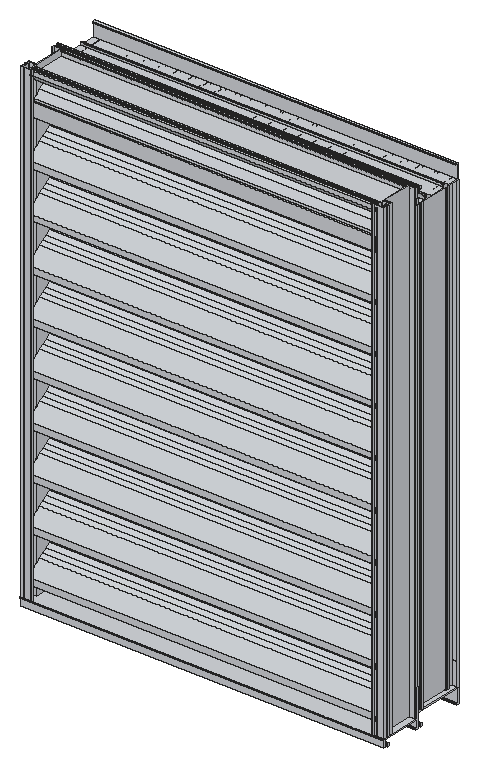
Revit family "D-HV-9", category Mechanical Equipment, Revit 2021
Family settings
  Round Connector Dimension = Use Diameter
  Classification = None
  Part Type = Normal
  Work Plane-Based = No
  Always vertical = Yes
  Cut with Voids When Loaded = Yes
  Shared = No
  Room Calculation Point = No
Parameters
  Default Elevation = 0' - 0"
Reference planes (in)
  plane 1 "Center (Front/Back)": y = 0
  plane 2: z = 0
  plane 3 "Center (Left/Right)": x = 0
  plane 4: x = -24
Dimensions and locks (in)
  aligned and locked: plane 2 to level
Nested families (in)
  nested 1: "WDV-130_Damper" at (-6, 3.29746, 0), type "WDV-130_Damper"
    with Number of Blades 21, Blade Spacing 0' - 1 1/2", Exact Width ID 2' - 10 7/16", Exact Width 3' - 0", Exact Height ID 3' - 9", Exact Height 4' - 0"
  nested 2: "EL-4" at (-6, -3.41741, 0), type "EL-4"
    with Blade Number 9, BW 2' - 10 5/16", Exact Width 3' - 0"
Definition of nested family "WDV-130_Damper"
  Parameters (values of type "WDV-130_Damper")
    Number of Blades [instance] = (Exact Width / Blade Spacing) - 3  # 29
    Exact Width ID = Exact Width - 0' 1 9/16"  # 3' - 10 7/16"
    Exact Width = 4' - 0"
    Exact Height ID = Exact Height - 0' 3"  # 1' - 9"
    Exact Height = 2' - 0"
    Depth = 0' - 5.1"
    Default Elevation = 0' - 0"
    Blade Spacing [instance] = 0' - 1 1/2"
    Blade Height = 2' - 9 3/4"
  Reference planes (in)
    plane 1 "Center (Front/Back)": y = 0
    plane 2: z = 0
    plane 3 "Center (Left/Right)": x = 0
    plane 4: x = -18
    plane 5: x = 30
    plane 6: y = 2.55
    plane 7: y = -2.55
    plane 8: z = 24
    plane 9: z = 22.5
    plane 10: z = 1.5
    plane 11: x = -17.36536
    plane 12: x = 29.36399
  Forms (in)
    Extrusion 1, solid
      sketch origin (-1.86888, 9.00306, 0) x (1, 0, 0) y (0, 1, 0)
        loop
          line (-14.86286, -6.51556) -> (-16.13112, -6.51556) -> (-16.13112, -6.68406) -> (-16.05612, -6.68406) -> (-16.05612, -6.59656) -> (-15.57062, -6.59656) -> (-15.57062, -7.25124)
          arc (-15.57062, -7.25124) -> (-15.67606, -7.23049) -> (-15.7699, -7.28285) r 0.156
          arc (-15.7699, -7.28285) -> (-15.77707, -7.30467) -> (-15.76672, -7.32516) r 0.03
          line (-15.76672, -7.32516) -> (-15.73788, -7.33582)
          arc (-15.73788, -7.33582) -> (-15.72116, -7.33701) -> (-15.7064, -7.32904) r 0.03
          arc (-15.7064, -7.32904) -> (-15.68351, -7.31338) -> (-15.65657, -7.30672) r 0.078
          arc (-15.65657, -7.30672) -> (-15.60008, -7.32602) -> (-15.57378, -7.37961) r 0.078
          arc (-15.57378, -7.37961) -> (-15.5965, -7.43975) -> (-15.65667, -7.4624) r 0.078
          arc (-15.65667, -7.4624) -> (-15.68355, -7.45573) -> (-15.7064, -7.44009) r 0.078
          arc (-15.7064, -7.44009) -> (-15.71981, -7.43244) -> (-15.73524, -7.43246) r 0.03
          line (-15.73524, -7.43246) -> (-15.76672, -7.44397)
          arc (-15.76672, -7.44397) -> (-15.77707, -7.46446) -> (-15.7699, -7.48627) r 0.03
          arc (-15.7699, -7.48627) -> (-15.67503, -7.5388) -> (-15.56884, -7.51679) r 0.156
          line (-15.56884, -7.51679) -> (-15.56884, -10.37576)
          arc (-15.56884, -10.37576) -> (-15.60026, -10.36116) -> (-15.63412, -10.35386) r 0.156
          arc (-15.63412, -10.35386) -> (-15.65463, -10.35121) -> (-15.67434, -10.35744) r 0.04792
          arc (-15.67434, -10.35744) -> (-15.68558, -10.36889) -> (-15.68932, -10.38449) r 0.03
          line (-15.68932, -10.38449) -> (-15.67513, -10.41607)
          arc (-15.67513, -10.41607) -> (-15.66423, -10.427) -> (-15.64935, -10.43106) r 0.03
          arc (-15.64935, -10.43106) -> (-15.62213, -10.43616) -> (-15.5984, -10.45045) r 0.078
          arc (-15.5984, -10.45045) -> (-15.57203, -10.50401) -> (-15.59126, -10.56053) r 0.078
          arc (-15.59126, -10.56053) -> (-15.64982, -10.58706) -> (-15.70842, -10.5606) r 0.078
          arc (-15.70842, -10.5606) -> (-15.72275, -10.53685) -> (-15.72787, -10.50959) r 0.078
          arc (-15.72787, -10.50959) -> (-15.73182, -10.4949) -> (-15.74246, -10.48405) r 0.03
          line (-15.74246, -10.48405) -> (-15.77326, -10.46968)
          arc (-15.77326, -10.46968) -> (-15.79507, -10.47685) -> (-15.80543, -10.49734) r 0.03
          arc (-15.80543, -10.49734) -> (-15.80157, -10.54544) -> (-15.78319, -10.59006) r 0.156
          line (-15.78319, -10.59006) -> (-15.89312, -10.59006) -> (-15.89312, -10.96506) -> (-16.13112, -10.96506) -> (-16.13112, -11.04706) -> (-16.06212, -11.04706) -> (-16.06212, -11.10806) -> (-15.98112, -11.10806) -> (-15.98112, -11.04706) -> (-15.89312, -11.04706) -> (-15.89312, -11.44406) -> (-15.98112, -11.44406) -> (-15.98112, -11.33106) -> (-16.06212, -11.33106) -> (-16.06212, -11.55306) -> (-15.36262, -11.55306) -> (-15.36262, -11.47206) -> (-15.81812, -11.47206) -> (-15.81812, -10.66506) -> (-15.49648, -10.66506) -> (-15.49648, -6.59656) -> (-14.86286, -6.59656) -> (-14.86286, -6.51556)
      from 1.5 to 22.5
    Extrusion 2, solid
      sketch origin (1.86888, 9.06556, 0) x (-1, 0, 0) y (0, -1, 0)
        loop
          line (-26.86286, 6.51556) -> (-26.86286, 6.59656) -> (-27.49562, 6.59656) -> (-27.49562, 10.67756) -> (-27.81812, 10.67756) -> (-27.81812, 11.48456) -> (-27.36262, 11.48456) -> (-27.36262, 11.61158) -> (-28.06212, 11.61158) -> (-28.06212, 11.34356) -> (-27.98112, 11.34356) -> (-27.98112, 11.45656) -> (-27.89312, 11.45656) -> (-27.89312, 11.05956) -> (-27.98112, 11.05956) -> (-27.98112, 11.12056) -> (-28.06212, 11.12056) -> (-28.06212, 11.05956) -> (-28.13112, 11.05956) -> (-28.13112, 10.97756) -> (-27.89312, 10.97756) -> (-27.89312, 10.60256) -> (-27.78319, 10.60256)
          arc (-27.78319, 10.60256) -> (-27.80157, 10.55794) -> (-27.80543, 10.50984) r 0.156
          arc (-27.80543, 10.50984) -> (-27.79507, 10.48935) -> (-27.77326, 10.48218) r 0.03
          line (-27.77326, 10.48218) -> (-27.74246, 10.49655)
          arc (-27.74246, 10.49655) -> (-27.73182, 10.5074) -> (-27.72787, 10.52209) r 0.03
          arc (-27.72787, 10.52209) -> (-27.72275, 10.54935) -> (-27.70842, 10.5731) r 0.078
          arc (-27.70842, 10.5731) -> (-27.64982, 10.59956) -> (-27.59126, 10.57303) r 0.078
          arc (-27.59126, 10.57303) -> (-27.57203, 10.51651) -> (-27.5984, 10.46295) r 0.078
          arc (-27.5984, 10.46295) -> (-27.62213, 10.44866) -> (-27.64935, 10.44356) r 0.078
          arc (-27.64935, 10.44356) -> (-27.66423, 10.4395) -> (-27.67513, 10.42857) r 0.03
          line (-27.67513, 10.42857) -> (-27.68932, 10.39699)
          arc (-27.68932, 10.39699) -> (-27.68558, 10.38139) -> (-27.67434, 10.36994) r 0.03
          arc (-27.67434, 10.36994) -> (-27.65463, 10.36371) -> (-27.63412, 10.36636) r 0.04792
          arc (-27.63412, 10.36636) -> (-27.60026, 10.37366) -> (-27.56884, 10.38826) r 0.156
          line (-27.56884, 10.38826) -> (-27.56884, 7.51679)
          arc (-27.56884, 7.51679) -> (-27.67503, 7.5388) -> (-27.7699, 7.48627) r 0.156
          arc (-27.7699, 7.48627) -> (-27.77707, 7.46446) -> (-27.76672, 7.44397) r 0.03
          line (-27.76672, 7.44397) -> (-27.73524, 7.43246)
          arc (-27.73524, 7.43246) -> (-27.71981, 7.43244) -> (-27.7064, 7.44009) r 0.03
          arc (-27.7064, 7.44009) -> (-27.68355, 7.45573) -> (-27.65667, 7.4624) r 0.078
          arc (-27.65667, 7.4624) -> (-27.5965, 7.43975) -> (-27.57378, 7.37961) r 0.078
          arc (-27.57378, 7.37961) -> (-27.60008, 7.32602) -> (-27.65657, 7.30672) r 0.078
          arc (-27.65657, 7.30672) -> (-27.68351, 7.31338) -> (-27.7064, 7.32904) r 0.078
          arc (-27.7064, 7.32904) -> (-27.72116, 7.33701) -> (-27.73788, 7.33582) r 0.03
          line (-27.73788, 7.33582) -> (-27.76672, 7.32516)
          arc (-27.76672, 7.32516) -> (-27.77707, 7.30467) -> (-27.7699, 7.28285) r 0.03
          arc (-27.7699, 7.28285) -> (-27.67606, 7.23049) -> (-27.57062, 7.25124) r 0.156
          line (-27.57062, 7.25124) -> (-27.57062, 6.59656) -> (-28.05612, 6.59656) -> (-28.05612, 6.68406) -> (-28.13112, 6.68406) -> (-28.13112, 6.51556) -> (-26.86286, 6.51556)
      from 1.5 to 22.5
    Extrusion 3, solid
      sketch origin (0, 0, 7.93838) x (0, 1, 0) y (0, 0, 1)
        loop
          line (-1.97469, -7.93838) -> (-1.97469, -7.61838) -> (-2.47469, -7.61838) -> (-2.47469, -6.52038) -> (2.468, -6.52038) -> (2.468, -7.85638) -> (2.3625, -7.85638) -> (2.3625, -7.93838) -> (2.55, -7.93838) -> (2.55, -4.18838) -> (2.468, -4.18838) -> (2.468, -6.43838) -> (-2.55, -6.43838) -> (-2.55, -7.86938) -> (-2.34069, -7.86938) -> (-2.34069, -7.78838) -> (-2.45369, -7.78838) -> (-2.45369, -7.70038) -> (-2.05669, -7.70038) -> (-2.05669, -7.78838) -> (-2.11769, -7.78838) -> (-2.11769, -7.86938) -> (-2.05669, -7.86938) -> (-2.05669, -7.93838) -> (-1.97469, -7.93838)
      from -18 to 30
    Extrusion 4, solid
      sketch origin (0, 10.54911, 23.25) x (0, 1, 0) y (0, 0, 1)
        loop
          line (-8.33235, 0.669) -> (-8.11235, 0.669) -> (-8.11235, -0.669) -> (-9.47328, -0.669)
          arc (-9.47328, -0.669) -> (-9.45253, -0.56356) -> (-9.50489, -0.46972) r 0.156
          arc (-9.50489, -0.46972) -> (-9.5267, -0.46255) -> (-9.5472, -0.4729) r 0.03
          line (-9.5472, -0.4729) -> (-9.55786, -0.50174)
          arc (-9.55786, -0.50174) -> (-9.55905, -0.51846) -> (-9.55108, -0.53322) r 0.03
          arc (-9.55108, -0.53322) -> (-9.53542, -0.55612) -> (-9.52876, -0.58305) r 0.078
          arc (-9.52876, -0.58305) -> (-9.60665, -0.666) -> (-9.68444, -0.58295) r 0.078
          arc (-9.68444, -0.58295) -> (-9.67777, -0.55607) -> (-9.66212, -0.53322) r 0.078
          arc (-9.66212, -0.53322) -> (-9.65454, -0.52004) -> (-9.65438, -0.50484) r 0.03
          line (-9.65438, -0.50484) -> (-9.66601, -0.4729)
          arc (-9.66601, -0.4729) -> (-9.6865, -0.46255) -> (-9.70831, -0.46972) r 0.03
          arc (-9.70831, -0.46972) -> (-9.76068, -0.56356) -> (-9.73992, -0.669) r 0.156
          line (-9.73992, -0.669) -> (-11.59891, -0.669)
          arc (-11.59891, -0.669) -> (-11.57816, -0.56356) -> (-11.63052, -0.46972) r 0.156
          arc (-11.63052, -0.46972) -> (-11.65234, -0.46255) -> (-11.67283, -0.4729) r 0.03
          line (-11.67283, -0.4729) -> (-11.68445, -0.50484)
          arc (-11.68445, -0.50484) -> (-11.6843, -0.52004) -> (-11.67671, -0.53322) r 0.03
          arc (-11.67671, -0.53322) -> (-11.66107, -0.55607) -> (-11.6544, -0.58295) r 0.078
          arc (-11.6544, -0.58295) -> (-11.73219, -0.666) -> (-11.81008, -0.58305) r 0.078
          arc (-11.81008, -0.58305) -> (-11.80342, -0.55612) -> (-11.78776, -0.53322) r 0.078
          arc (-11.78776, -0.53322) -> (-11.77978, -0.51846) -> (-11.78097, -0.50174) r 0.03
          line (-11.78097, -0.50174) -> (-11.79164, -0.4729)
          arc (-11.79164, -0.4729) -> (-11.81213, -0.46255) -> (-11.83394, -0.46972) r 0.03
          arc (-11.83394, -0.46972) -> (-11.88631, -0.56356) -> (-11.86556, -0.669) r 0.156
          line (-11.86556, -0.669) -> (-12.11928, -0.669)
          arc (-12.11928, -0.669) -> (-12.28853, -0.15951) -> (-12.70213, 0.18278) r 0.97349
          arc (-12.70213, 0.18278) -> (-12.86819, 0.28881) -> (-13.00457, 0.431) r 0.82977
          line (-13.00457, 0.431) -> (-12.63737, 0.431) -> (-12.63737, 0.75) -> (-12.71837, 0.75) -> (-12.71837, 0.681) -> (-12.77937, 0.681) -> (-12.77937, 0.6) -> (-12.71837, 0.6) -> (-12.71837, 0.512) -> (-13.05635, 0.512) -> (-13.05635, 0.6) -> (-13.00237, 0.6) -> (-13.00237, 0.681) -> (-13.13135, 0.681) -> (-13.13135, 0.47638)
          arc (-13.13135, 0.47638) -> (-12.96094, 0.26228) -> (-12.73457, 0.10856) r 0.9095
          arc (-12.73457, 0.10856) -> (-12.35633, -0.20387) -> (-12.20035, -0.669) r 0.89249
          line (-12.20035, -0.669) -> (-13.05035, -0.669) -> (-13.05035, -0.22392) -> (-13.13135, -0.22392) -> (-13.13135, -0.75) -> (-8.03135, -0.75) -> (-8.03135, 0.75) -> (-8.33235, 0.75) -> (-8.33235, 0.669)
      from -18 to 30
  Dimensions and locks (in)
    "Exact Width": plane 4 to plane 5
    "Depth": plane 6 to plane 7
    "Exact Height": plane 8 to level
    locked: plane 4 to plane 11 at 0.63464
    locked: plane 12 to plane 5 at 0.63601
    locked: plane 8 to plane 9 at 1.5
    plane 10 to level = 0' - 1 1/2"
    "Exact Height ID": plane 9 to plane 10
    "Blade Spacing": nested 1 to nested 2
    equal spacing: group 1, group 2, group 3, group 4, group 5, group 6, group 7, group 8, group 9, group 10, group 11, group 12, group 13, group 14, group 15, group 16, group 17, group 18, group 19, group 20, group 21, group 22, group 23, group 24, group 25, group 26, group 27, group 28, group 29  (x3)
    plane 12 to plane 11 = 3' - 10.72935"
    aligned and locked: plane 2 to level
    aligned and locked: plane 9 to Extrusion 2
    aligned and locked: Extrusion 3 to plane 4
    aligned and locked: plane 5 to Extrusion 3
    aligned and locked: plane 5 to Extrusion 4
    aligned and locked: Extrusion 4 to plane 4
    aligned and locked: plane 9 to Extrusion 1
    aligned and locked: plane 9 to nested 1
    aligned and locked: plane 11 to nested 1
    aligned and locked: nested 15 to plane 10
  Automatic sketch dimensions
    Extrusion 1 sketch curve to Extrusion 1 sketch curve = 0' - 0"  (x64)
    Extrusion 1 sketch curve to plane 4 = 0' - 0"  (x2)
    Extrusion 1 sketch curve to plane 7 = 0' - 0"
    Extrusion 1 sketch curve to plane 11 = 0' - 0"
    plane 4 to Extrusion 1 sketch curve = 0' - 0.069"
    Extrusion 1 sketch curve to Extrusion 1 sketch curve = 0' - 0.069"
    plane 4 to Extrusion 1 sketch curve = 0' - 0.075"
    Extrusion 1 sketch curve to Extrusion 1 sketch curve = 0' - 0.081"  (x2)
    Extrusion 1 sketch curve to Extrusion 1 sketch curve = 0' - 0.088"
    plane 4 to Extrusion 1 sketch curve = 0' - 0.238"
    Extrusion 1 sketch curve to Extrusion 1 sketch curve = 0' - 0.075"  (x2)
    Extrusion 1 sketch curve to Extrusion 1 sketch curve = 0' - 0.03493"
    Extrusion 1 sketch curve to Extrusion 1 sketch curve = 0' - 0.00768"
    Extrusion 1 sketch curve to Extrusion 1 sketch curve = 0' - 0.00225"
    Extrusion 1 sketch curve to plane 11 = 0' - 0.27024"
    Extrusion 1 sketch curve to Extrusion 1 sketch curve = 0' - 0.01765"
    Extrusion 1 sketch curve to Extrusion 1 sketch curve = 0' - 0.01956"  (x2)
    Extrusion 1 sketch curve to Extrusion 1 sketch curve = 0' - 0.01541"
    Extrusion 1 sketch curve to Extrusion 1 sketch curve = 0' - 0.02884"
    Extrusion 1 sketch curve to Extrusion 1 sketch curve = 0' - 0.03148"
    Extrusion 1 sketch curve to Extrusion 1 sketch curve = 0' - 0.01968"  (x2)
    Extrusion 1 sketch curve to Extrusion 1 sketch curve = 0' - 0.05314"
    Extrusion 1 sketch curve to Extrusion 1 sketch curve = 0' - 0.01419"
    Extrusion 1 sketch curve to Extrusion 1 sketch curve = 0' - 0.02998"
    Extrusion 1 sketch curve to Extrusion 1 sketch curve = 0' - 0.08362"
    Extrusion 1 sketch curve to Extrusion 1 sketch curve = 0' - 0.00896"
    Extrusion 1 sketch curve to Extrusion 1 sketch curve = 0' - 0.09259"
    Extrusion 1 sketch curve to Extrusion 1 sketch curve = 0' - 0.00123"
    Extrusion 1 sketch curve to plane 11 = 0' - 0.07414"
    Extrusion 1 sketch curve to plane 11 = 0' - 0.07236"
    plane 11 to Extrusion 1 sketch curve = 0' - 0.13386"
    Extrusion 1 sketch curve to plane 6 = 0' - 0 1/16"
    plane 11 to Extrusion 1 sketch curve = 0' - 0.63362"
    plane 7 to Extrusion 1 sketch curve = 0' - 0.081"
    plane 7 to Extrusion 1 sketch curve = 0' - 0.109"
    Extrusion 1 sketch curve to Extrusion 1 sketch curve = 0' - 0.113"
    Extrusion 1 sketch curve to Extrusion 1 sketch curve = 0' - 0.223"
    Extrusion 1 sketch curve to Extrusion 1 sketch curve = 0' - 0.061"  (x2)
    Extrusion 1 sketch curve to Extrusion 1 sketch curve = 0' - 0.082"
    Extrusion 1 sketch curve to Extrusion 1 sketch curve = 0' - 0.3"
    Extrusion 1 sketch curve to Extrusion 1 sketch curve = 0' - 0.08028"
    Extrusion 1 sketch curve to Extrusion 1 sketch curve = 0' - 0.00072"
    Extrusion 1 sketch curve to Extrusion 1 sketch curve = 0' - 0.01019"
    Extrusion 1 sketch curve to Extrusion 1 sketch curve = 0' - 0.02574"
    Extrusion 1 sketch curve to Extrusion 1 sketch curve = 0' - 0.02992"
    Extrusion 1 sketch curve to Extrusion 1 sketch curve = 0' - 0.06798"
    Extrusion 1 sketch curve to Extrusion 1 sketch curve = 0' - 0.015"
    Extrusion 1 sketch curve to Extrusion 1 sketch curve = 0' - 0.00213"
    Extrusion 1 sketch curve to Extrusion 1 sketch curve = 0' - 0.03157"
    Extrusion 1 sketch curve to Extrusion 1 sketch curve = 0' - 0.01552"
    Extrusion 1 sketch curve to Extrusion 1 sketch curve = 0' - 0.02531"
    Extrusion 1 sketch curve to plane 6 = 0' - 1.06373"
    Extrusion 1 sketch curve to Extrusion 1 sketch curve = 0' - 0.05007"
    Extrusion 1 sketch curve to Extrusion 1 sketch curve = 0' - 0.00527"  (x2)
    Extrusion 1 sketch curve to Extrusion 1 sketch curve = 0' - 0.02275"
    Extrusion 1 sketch curve to Extrusion 1 sketch curve = 0' - 0.02898"
    Extrusion 1 sketch curve to Extrusion 1 sketch curve = 0' - 0.0479"
    Extrusion 1 sketch curve to Extrusion 1 sketch curve = 0' - 0.09664"
    Extrusion 1 sketch curve to Extrusion 1 sketch curve = 0' - 0.01066"
    Extrusion 1 sketch curve to Extrusion 1 sketch curve = 0' - 0.02814"
    Extrusion 1 sketch curve to Extrusion 1 sketch curve = 0' - 0.13332"
    Extrusion 1 sketch curve to Extrusion 1 sketch curve = 0' - 0.1685"
    Extrusion 1 sketch curve to plane 6 = 0' - 0.1435"
    Extrusion 1 sketch curve to Extrusion 1 sketch curve = 0' - 0.0875"
    Extrusion 1 sketch curve to Extrusion 1 sketch curve = 0' - 0.01945"
    Extrusion 1 sketch curve to Extrusion 1 sketch curve = 0' - 0.04974"
    Extrusion 1 sketch curve to Extrusion 1 sketch curve = 0' - 0.04983"
    Extrusion 1 sketch curve to Extrusion 1 sketch curve = 0' - 0.05095"
    Extrusion 1 sketch curve to Extrusion 1 sketch curve = 0' - 0 15/256"
    Extrusion 1 sketch curve to plane 11 = 0' - 0.0773"
    Extrusion 2 sketch curve to Extrusion 2 sketch curve = 0' - 0"  (x65)
    Extrusion 2 sketch curve to plane 5 = 0' - 0"  (x2)
    Extrusion 2 sketch curve to plane 6 = 0' - 0"
    Extrusion 2 sketch curve to plane 5 = 0' - 0.069"  (x2)
    Extrusion 2 sketch curve to plane 5 = 0' - 0.075"
    Extrusion 2 sketch curve to Extrusion 2 sketch curve = 0' - 0.081"  (x3)
    Extrusion 2 sketch curve to Extrusion 2 sketch curve = 0' - 0.088"
    Extrusion 2 sketch curve to plane 5 = 0' - 0.238"
    Extrusion 2 sketch curve to Extrusion 2 sketch curve = 0' - 0.075"
    Extrusion 2 sketch curve to Extrusion 2 sketch curve = 0' - 0.03493"
    Extrusion 2 sketch curve to Extrusion 2 sketch curve = 0' - 0.00768"
    Extrusion 2 sketch curve to Extrusion 2 sketch curve = 0' - 0.00225"
    plane 12 to Extrusion 2 sketch curve = 0' - 0.27161"
    Extrusion 2 sketch curve to Extrusion 2 sketch curve = 0' - 0.01765"
    Extrusion 2 sketch curve to Extrusion 2 sketch curve = 0' - 0.01956"  (x2)
    Extrusion 2 sketch curve to Extrusion 2 sketch curve = 0' - 0.01541"
    Extrusion 2 sketch curve to Extrusion 2 sketch curve = 0' - 0.02884"
    Extrusion 2 sketch curve to Extrusion 2 sketch curve = 0' - 0.03148"
    Extrusion 2 sketch curve to Extrusion 2 sketch curve = 0' - 0.01968"  (x2)
    Extrusion 2 sketch curve to Extrusion 2 sketch curve = 0' - 0.05314"
    Extrusion 2 sketch curve to Extrusion 2 sketch curve = 0' - 0.01419"
    Extrusion 2 sketch curve to Extrusion 2 sketch curve = 0' - 0.02998"
    Extrusion 2 sketch curve to Extrusion 2 sketch curve = 0' - 0.08362"
    Extrusion 2 sketch curve to Extrusion 2 sketch curve = 0' - 0.00896"
    Extrusion 2 sketch curve to Extrusion 2 sketch curve = 0' - 0.09259"
    Extrusion 2 sketch curve to Extrusion 2 sketch curve = 0' - 0.00123"
    plane 12 to Extrusion 2 sketch curve = 0' - 0.07551"
    plane 12 to Extrusion 2 sketch curve = 0' - 0.07373"
    plane 12 to Extrusion 2 sketch curve = 0' - 0.00051"
    Extrusion 2 sketch curve to plane 12 = 0' - 0.13249"
    Extrusion 2 sketch curve to plane 12 = 0' - 0.63225"
    Extrusion 2 sketch curve to Extrusion 2 sketch curve = 0' - 0.0875"
    Extrusion 2 sketch curve to Extrusion 2 sketch curve = 0' - 0.65468"
    Extrusion 2 sketch curve to Extrusion 2 sketch curve = 0' - 0.05117"
    Extrusion 2 sketch curve to Extrusion 2 sketch curve = 0' - 0.00527"  (x2)
    Extrusion 2 sketch curve to Extrusion 2 sketch curve = 0' - 0.02275"
    Extrusion 2 sketch curve to Extrusion 2 sketch curve = 0' - 0.02814"
    Extrusion 2 sketch curve to Extrusion 2 sketch curve = 0' - 0.04874"
    Extrusion 2 sketch curve to Extrusion 2 sketch curve = 0' - 0.0479"
    Extrusion 2 sketch curve to Extrusion 2 sketch curve = 0' - 0.0115"
    Extrusion 2 sketch curve to Extrusion 2 sketch curve = 0' - 0.02898"
    Extrusion 2 sketch curve to Extrusion 2 sketch curve = 0' - 0.13223"
    plane 7 to Extrusion 2 sketch curve = 0' - 1.2273"
    Extrusion 2 sketch curve to Extrusion 2 sketch curve = 0' - 0.00766"
    Extrusion 2 sketch curve to Extrusion 2 sketch curve = 0' - 0.00107"
    Extrusion 2 sketch curve to Extrusion 2 sketch curve = 0' - 0.01552"
    Extrusion 2 sketch curve to Extrusion 2 sketch curve = 0' - 0.00213"
    Extrusion 2 sketch curve to Extrusion 2 sketch curve = 0' - 0.015"
    Extrusion 2 sketch curve to Extrusion 2 sketch curve = 0' - 0.05362"
    Extrusion 2 sketch curve to Extrusion 2 sketch curve = 0' - 0.01436"
    Extrusion 2 sketch curve to Extrusion 2 sketch curve = 0' - 0.02992"
    Extrusion 2 sketch curve to Extrusion 2 sketch curve = 0' - 0.078"
    Extrusion 2 sketch curve to Extrusion 2 sketch curve = 0' - 0.01019"
    Extrusion 2 sketch curve to Extrusion 2 sketch curve = 0' - 0.09272"
    Extrusion 2 sketch curve to Extrusion 2 sketch curve = 0' - 0.156"
    Extrusion 2 sketch curve to Extrusion 2 sketch curve = 0' - 0.3"
    Extrusion 2 sketch curve to Extrusion 2 sketch curve = 0' - 0.082"  (x2)
    Extrusion 2 sketch curve to Extrusion 2 sketch curve = 0' - 0.061"
    Extrusion 2 sketch curve to Extrusion 2 sketch curve = 0' - 0.223"
    Extrusion 2 sketch curve to Extrusion 2 sketch curve = 0' - 0.113"
    plane 7 to Extrusion 2 sketch curve = 0' - 0.131"
    plane 7 to Extrusion 2 sketch curve = 0' - 0.00399"
    Extrusion 2 sketch curve to Extrusion 2 sketch curve = 0' - 0.01945"
    Extrusion 2 sketch curve to Extrusion 2 sketch curve = 0' - 0.04974"
    Extrusion 2 sketch curve to Extrusion 2 sketch curve = 0' - 0.04983"
    Extrusion 2 sketch curve to Extrusion 2 sketch curve = 0' - 0.05095"
    Extrusion 2 sketch curve to Extrusion 2 sketch curve = 0' - 0 15/256"
    Extrusion 2 sketch curve to Extrusion 2 sketch curve = 0' - 0.07784"
    Extrusion 3 sketch curve to plane 7 = 0' - 0"
    Extrusion 3 sketch curve to level = 0' - 0"  (x2)
    Extrusion 3 sketch curve to plane 10 = 0' - 0"
    Extrusion 3 sketch curve to plane 6 = 0' - 0"
    plane 7 to Extrusion 3 sketch curve = 0' - 0.07531"
    plane 7 to Extrusion 3 sketch curve = 0' - 0.09631"
    Extrusion 3 sketch curve to Extrusion 3 sketch curve = 0' - 0.113"
    Extrusion 3 sketch curve to Extrusion 3 sketch curve = 0' - 0.223"
    Extrusion 3 sketch curve to Extrusion 3 sketch curve = 0' - 0.061"  (x2)
    Extrusion 3 sketch curve to Extrusion 3 sketch curve = 0' - 0.082"  (x2)
    Extrusion 3 sketch curve to plane 6 = 0' - 0 3/16"
    Extrusion 3 sketch curve to plane 6 = 0' - 0.082"  (x2)
    level to Extrusion 3 sketch curve = 0' - 0.069"  (x2)
    level to Extrusion 3 sketch curve = 0' - 0.082"
    Extrusion 3 sketch curve to Extrusion 3 sketch curve = 0' - 0.081"  (x2)
    Extrusion 3 sketch curve to Extrusion 3 sketch curve = 0' - 0.088"
    Extrusion 3 sketch curve to plane 10 = 0' - 0.082"
    plane 10 to Extrusion 3 sketch curve = 0' - 2 1/4"
    Extrusion 4 sketch curve to Extrusion 4 sketch curve = 0' - 0"  (x44)
    Extrusion 4 sketch curve to plane 9 = 0' - 0"
    Extrusion 4 sketch curve to plane 8 = 0' - 0"  (x2)
    Extrusion 4 sketch curve to plane 7 = 0' - 0.03224"  (x2)
    plane 7 to Extrusion 4 sketch curve = 0' - 0.00718"
    plane 7 to Extrusion 4 sketch curve = 0' - 0.04276"
    plane 7 to Extrusion 4 sketch curve = 0' - 0.04876"
    plane 7 to Extrusion 4 sketch curve = 0' - 0.09454"
    plane 7 to Extrusion 4 sketch curve = 0' - 0.09674"
    Extrusion 4 sketch curve to Extrusion 4 sketch curve = 0' - 0.223"
    Extrusion 4 sketch curve to Extrusion 4 sketch curve = 0' - 0.061"  (x2)
    Extrusion 4 sketch curve to Extrusion 4 sketch curve = 0' - 0.081"  (x3)
    plane 8 to Extrusion 4 sketch curve = 0' - 0.17928"
    Extrusion 4 sketch curve to Extrusion 4 sketch curve = 0' - 0.29473"
    Extrusion 4 sketch curve to Extrusion 4 sketch curve = 0' - 0.00087"
    plane 9 to Extrusion 4 sketch curve = 0' - 0.081"  (x4)
    Extrusion 4 sketch curve to Extrusion 4 sketch curve = 0' - 0.85"
    Extrusion 4 sketch curve to Extrusion 4 sketch curve = 0' - 0.08108"
    Extrusion 4 sketch curve to Extrusion 4 sketch curve = 0' - 0.25372"
    Extrusion 4 sketch curve to Extrusion 4 sketch curve = 0' - 0.05117"  (x2)
    Extrusion 4 sketch curve to Extrusion 4 sketch curve = 0' - 0.00527"  (x4)
    plane 9 to Extrusion 4 sketch curve = 0' - 0.2771"  (x4)
    Extrusion 4 sketch curve to Extrusion 4 sketch curve = 0' - 0.02275"  (x2)
    plane 9 to Extrusion 4 sketch curve = 0' - 0.24826"  (x2)
    Extrusion 4 sketch curve to Extrusion 4 sketch curve = 0' - 0.02814"  (x2)
    Extrusion 4 sketch curve to Extrusion 4 sketch curve = 0' - 0.04874"
    plane 9 to Extrusion 4 sketch curve = 0' - 0.24516"  (x2)
    Extrusion 4 sketch curve to Extrusion 4 sketch curve = 0' - 0.04778"  (x2)
    Extrusion 4 sketch curve to Extrusion 4 sketch curve = 0' - 0.01162"
    Extrusion 4 sketch curve to Extrusion 4 sketch curve = 0' - 0.0291"  (x2)
    Extrusion 4 sketch curve to Extrusion 4 sketch curve = 0' - 0.13332"  (x2)
    Extrusion 4 sketch curve to plane 1 "Center (Front/Back)" = 0' - 0.80919"
    Extrusion 4 sketch curve to Extrusion 4 sketch curve = 0' - 0.09652"
    Extrusion 4 sketch curve to Extrusion 4 sketch curve = 0' - 0.01066"
    Extrusion 4 sketch curve to plane 6 = 0' - 0.33324"
    Extrusion 4 sketch curve to plane 6 = 0' - 0.11324"
    Extrusion 4 sketch curve to plane 6 = 0' - 0.03224"
    plane 9 to Extrusion 4 sketch curve = 0' - 0.04074"
    Extrusion 4 sketch curve to Extrusion 4 sketch curve = 0' - 0.08316"  (x2)
    Extrusion 4 sketch curve to Extrusion 4 sketch curve = 0' - 0.01041"  (x2)
    Extrusion 4 sketch curve to Extrusion 4 sketch curve = 0' - 0.0073"  (x2)
    Extrusion 4 sketch curve to Extrusion 4 sketch curve = 0' - 0.01968"  (x4)
    Extrusion 4 sketch curve to Extrusion 4 sketch curve = 0' - 0.44508"
    Extrusion 4 sketch curve to Extrusion 4 sketch curve = 0' - 0.319"
    Extrusion 4 sketch curve to Extrusion 4 sketch curve = 0' - 0.04538"
    Extrusion 4 sketch curve to Extrusion 4 sketch curve = 0' - 0.088"  (x2)
    Extrusion 4 sketch curve to Extrusion 4 sketch curve = 0' - 0.069"
    Extrusion 4 sketch curve to plane 8 = 0' - 0.069"
    Extrusion 4 sketch curve to Extrusion 4 sketch curve = 0' - 0.00094"
    Extrusion 4 sketch curve to Extrusion 4 sketch curve = 0' - 0.02232"  (x2)
    Extrusion 4 sketch curve to Extrusion 4 sketch curve = 0' - 0.02231"  (x2)
  Nested families (in)
    nested 1: "Wdv-130Blade" at (-16.28584, 0, 1.5), type "Wdv-130Blade"
      with Blade Height 1' - 9"
    nested 2: "Wdv-130Blade" at (-14.78584, 0, 1.5), type "Wdv-130Blade"
      with Blade Height 1' - 9"
    nested 3: "Wdv-130Blade" at (-13.28584, 0, 1.5), type "Wdv-130Blade"
      with Blade Height 1' - 9"
    nested 4: "Wdv-130Blade" at (-11.78584, 0, 1.5), type "Wdv-130Blade"
      with Blade Height 1' - 9"
    nested 5: "Wdv-130Blade" at (-10.28584, 0, 1.5), type "Wdv-130Blade"
      with Blade Height 1' - 9"
    nested 6: "Wdv-130Blade" at (-8.78584, 0, 1.5), type "Wdv-130Blade"
      with Blade Height 1' - 9"
    nested 7: "Wdv-130Blade" at (-7.28584, 0, 1.5), type "Wdv-130Blade"
      with Blade Height 1' - 9"
    nested 8: "Wdv-130Blade" at (-5.78584, 0, 1.5), type "Wdv-130Blade"
      with Blade Height 1' - 9"
    nested 9: "Wdv-130Blade" at (-4.28584, 0, 1.5), type "Wdv-130Blade"
      with Blade Height 1' - 9"
    nested 10: "Wdv-130Blade" at (-2.78584, 0, 1.5), type "Wdv-130Blade"
      with Blade Height 1' - 9"
    nested 11: "Wdv-130Blade" at (-1.28584, 0, 1.5), type "Wdv-130Blade"
      with Blade Height 1' - 9"
    nested 12: "Wdv-130Blade" at (0.21416, 0, 1.5), type "Wdv-130Blade"
      with Blade Height 1' - 9"
    nested 13: "Wdv-130Blade" at (1.71416, 0, 1.5), type "Wdv-130Blade"
      with Blade Height 1' - 9"
    nested 14: "Wdv-130Blade" at (3.21416, 0, 1.5), type "Wdv-130Blade"
      with Blade Height 1' - 9"
    nested 15: "WDV-130_Sill Baffle" at (0.76647, -0.15893, 3.1875), type "WDV-130_Sill Baffle"
      with Number of Holes 14, Exact Baffle Width 3' - 10 7/16"
    nested 16: "Wdv-130Blade" at (4.71416, 0, 1.5), type "Wdv-130Blade"
      with Blade Height 1' - 9"
    nested 17: "Wdv-130Blade" at (6.21416, 0, 1.5), type "Wdv-130Blade"
      with Blade Height 1' - 9"
    nested 18: "Wdv-130Blade" at (7.71416, 0, 1.5), type "Wdv-130Blade"
      with Blade Height 1' - 9"
    nested 19: "Wdv-130Blade" at (9.21416, 0, 1.5), type "Wdv-130Blade"
      with Blade Height 1' - 9"
    nested 20: "Wdv-130Blade" at (10.71416, 0, 1.5), type "Wdv-130Blade"
      with Blade Height 1' - 9"
    nested 21: "Wdv-130Blade" at (12.21416, 0, 1.5), type "Wdv-130Blade"
      with Blade Height 1' - 9"
    nested 22: "Wdv-130Blade" at (13.71416, 0, 1.5), type "Wdv-130Blade"
      with Blade Height 1' - 9"
    nested 23: "Wdv-130Blade" at (15.21416, 0, 1.5), type "Wdv-130Blade"
      with Blade Height 1' - 9"
    nested 24: "Wdv-130Blade" at (16.71416, 0, 1.5), type "Wdv-130Blade"
      with Blade Height 1' - 9"
    nested 25: "Wdv-130Blade" at (18.21416, 0, 1.5), type "Wdv-130Blade"
      with Blade Height 1' - 9"
    nested 26: "Wdv-130Blade" at (19.71416, 0, 1.5), type "Wdv-130Blade"
      with Blade Height 1' - 9"
    nested 27: "Wdv-130Blade" at (21.21416, 0, 1.5), type "Wdv-130Blade"
      with Blade Height 1' - 9"
    nested 28: "Wdv-130Blade" at (22.71416, 0, 1.5), type "Wdv-130Blade"
      with Blade Height 1' - 9"
    nested 29: "Wdv-130Blade" at (24.21416, 0, 1.5), type "Wdv-130Blade"
      with Blade Height 1' - 9"
    nested 30: "Wdv-130Blade" at (25.71416, 0, 1.5), type "Wdv-130Blade"
      with Blade Height 1' - 9"
    nested 31: "Wdv-130Blade" at (27.21416, 0, 1.5), type "Wdv-130Blade"
      with Blade Height 1' - 9"
  Definition of nested family "Wdv-130Blade"
    Parameters (values of type "Wdv-130Blade")
      Default Elevation = 0' - 0"
      Blade Height = 2' - 9 3/4"
    Reference planes (in)
      plane 1 "Center (Front/Back)": y = 0
      plane 2: z = 0
      plane 3 "Center (Left/Right)": x = 0
      plane 4: z = 33.75
      plane 5: z = 16.875
    Forms (in)
      Extrusion 1, solid
        sketch origin (-0.05261, -0.03684, 0) x (1, 0, 0) y (0, 1, 0)
          loop
            line (0.87681, 2.24) -> (0.89558, 2.19997) -> (0.97543, 2.21495) -> (1.02697, 2.30423) -> (0.9715, 2.40031) -> (0.93543, 2.40031) -> (0.41781, 2.40031) -> (0.41781, 2.23484) -> (0.47781, 2.23484) -> (0.47781, 2.34031) -> (0.59165, 2.34031) -> (0.59165, 1.94427) -> (0.58939, 1.8694) -> (0.57306, 1.79629)
            arc (0.57306, 1.79629) -> (0.39749, 1.8685) -> (0.27905, 1.72013) r 0.15817
            line (0.27905, 1.72013) -> (0.34705, 1.70633) -> (0.35495, 1.75337) -> (0.43715, 1.80594) -> (0.51115, 1.76757) -> (0.52771, 1.71538) -> (0.51628, 1.67134) -> (0.451, 1.63553) -> (0.40658, 1.62877) -> (0.37132, 1.59711) -> (0.39129, 1.55318) -> (-0.93248, 0.1682) -> (-0.99158, 0.09078) -> (-1.02691, 0.00001) -> (-1.02691, -0.1593) -> (-1.01193, -0.2072) -> (-0.99023, -0.25245) -> (-0.95116, -0.26777) -> (-0.92339, -0.23327) -> (-0.95917, -0.14153) -> (-0.96545, -0.06001) -> (-0.91895, -0.09209) -> (-0.88612, -0.04521) -> (-0.90629, -0.01419)
            arc (-0.90629, -0.01419) -> (-0.82256, 0.12695) -> (-0.76811, -0.02785) r 0.09056
            line (-0.76811, -0.02785) -> (-0.63899, -0.50729) -> (-0.41125, -0.84664) -> (0.76995, -1.9998) -> (0.90041, -2.15715) -> (0.95596, -2.35386) -> (1.0254, -2.34361) -> (0.96195, -2.12378) -> (0.81634, -1.94727) -> (-0.36151, -0.79737) -> (-0.65651, -0.20553) -> (-0.56439, 0.452) -> (0.4977, 1.56321) -> (0.62538, 1.73655) -> (0.66151, 1.94878) -> (0.66151, 2.33031) -> (0.91309, 2.33031) -> (0.92852, 2.29174) -> (0.87681, 2.24)
        from 0 to 33.75
    Dimensions and locks (in)
      "Blade Height": plane 4 to level
      equal spacing: plane 4, plane 5, level
      aligned and locked: plane 2 to level
      aligned and locked: Extrusion 1 to level
      aligned and locked: plane 4 to Extrusion 1
    Automatic sketch dimensions
      plane 1 "Center (Front/Back)" to Extrusion 1 sketch curve = 0' - 0"
      plane 1 "Center (Front/Back)" to Extrusion 1 sketch curve = 0' - 0.19614"
      Extrusion 1 sketch curve to plane 3 "Center (Left/Right)" = 0' - 1.07952"
      plane 1 "Center (Front/Back)" to Extrusion 1 sketch curve = 0' - 0.24404"
      Extrusion 1 sketch curve to Extrusion 1 sketch curve = 0' - 0.01497"
      Extrusion 1 sketch curve to plane 1 "Center (Front/Back)" = 0' - 0.05394"
      Extrusion 1 sketch curve to Extrusion 1 sketch curve = 0' - 0.03533"
      plane 1 "Center (Front/Back)" to Extrusion 1 sketch curve = 0' - 0.28929"
      Extrusion 1 sketch curve to Extrusion 1 sketch curve = 0' - 0.02171"
      plane 1 "Center (Front/Back)" to Extrusion 1 sketch curve = 0' - 0.09685"
      Extrusion 1 sketch curve to Extrusion 1 sketch curve = 0' - 0.06146"
      plane 1 "Center (Front/Back)" to Extrusion 1 sketch curve = 0' - 0.17837"
      Extrusion 1 sketch curve to Extrusion 1 sketch curve = 0' - 0.06774"
      plane 1 "Center (Front/Back)" to Extrusion 1 sketch curve = 0' - 0.30461"
      Extrusion 1 sketch curve to Extrusion 1 sketch curve = 0' - 0 5/128"
      Extrusion 1 sketch curve to plane 1 "Center (Front/Back)" = 0' - 0.13137"
      Extrusion 1 sketch curve to Extrusion 1 sketch curve = 0' - 0.05909"
      plane 1 "Center (Front/Back)" to Extrusion 1 sketch curve = 0' - 0.27011"
      Extrusion 1 sketch curve to Extrusion 1 sketch curve = 0' - 0.02777"
      plane 1 "Center (Front/Back)" to Extrusion 1 sketch curve = 0' - 0.12893"
      Extrusion 1 sketch curve to Extrusion 1 sketch curve = 0' - 0.0465"
      plane 1 "Center (Front/Back)" to Extrusion 1 sketch curve = 0' - 0.05102"
      Extrusion 1 sketch curve to Extrusion 1 sketch curve = 0' - 0.05916"
      plane 1 "Center (Front/Back)" to Extrusion 1 sketch curve = 0' - 0 21/256"
      Extrusion 1 sketch curve to Extrusion 1 sketch curve = 0' - 0.02017"
      Extrusion 1 sketch curve to Extrusion 1 sketch curve = 0' - 0.07481"
      plane 1 "Center (Front/Back)" to Extrusion 1 sketch curve = 0' - 0.06469"
      plane 1 "Center (Front/Back)" to Extrusion 1 sketch curve = 0' - 0.24236"
      Extrusion 1 sketch curve to Extrusion 1 sketch curve = 0' - 0.11159"
      Extrusion 1 sketch curve to Extrusion 1 sketch curve = 0' - 0.01752"
      Extrusion 1 sketch curve to Extrusion 1 sketch curve = 0' - 0.36809"
      Extrusion 1 sketch curve to Extrusion 1 sketch curve = 0' - 0.22774"
      Extrusion 1 sketch curve to Extrusion 1 sketch curve = 0' - 0.04974"
      plane 3 "Center (Left/Right)" to Extrusion 1 sketch curve = 0' - 0.22644"
      Extrusion 1 sketch curve to Extrusion 1 sketch curve = 0' - 0.068"
      Extrusion 1 sketch curve to Extrusion 1 sketch curve = 0' - 0.0079"
      Extrusion 1 sketch curve to Extrusion 1 sketch curve = 0' - 0.02427"
      Extrusion 1 sketch curve to Extrusion 1 sketch curve = 0' - 0.01996"
      Extrusion 1 sketch curve to Extrusion 1 sketch curve = 0' - 0.03525"
      plane 3 "Center (Left/Right)" to Extrusion 1 sketch curve = 0' - 0.3652"
      Extrusion 1 sketch curve to Extrusion 1 sketch curve = 0' - 0.0822"
      Extrusion 1 sketch curve to Extrusion 1 sketch curve = 0' - 0"
      Extrusion 1 sketch curve to Extrusion 1 sketch curve = 0' - 0.04443"
      Extrusion 1 sketch curve to Extrusion 1 sketch curve = 0' - 0.06"  (x2)
      Extrusion 1 sketch curve to Extrusion 1 sketch curve = 0' - 0.04669"
      Extrusion 1 sketch curve to Extrusion 1 sketch curve = 0' - 0.074"
      Extrusion 1 sketch curve to Extrusion 1 sketch curve = 0' - 0.06527"
      Extrusion 1 sketch curve to Extrusion 1 sketch curve = 0' - 0.01143"
      Extrusion 1 sketch curve to Extrusion 1 sketch curve = 0' - 0.06191"
      Extrusion 1 sketch curve to Extrusion 1 sketch curve = 0' - 0.01633"
      Extrusion 1 sketch curve to Extrusion 1 sketch curve = 0' - 0.00227"
      Extrusion 1 sketch curve to Extrusion 1 sketch curve = 0' - 0.05231"
      Extrusion 1 sketch curve to Extrusion 1 sketch curve = 0' - 0.06985"
      plane 3 "Center (Left/Right)" to Extrusion 1 sketch curve = 0' - 0.71734"
      Extrusion 1 sketch curve to Extrusion 1 sketch curve = 0' - 0.04639"
      Extrusion 1 sketch curve to Extrusion 1 sketch curve = 0' - 0.2153"
      Extrusion 1 sketch curve to Extrusion 1 sketch curve = 0' - 0.01877"
      Extrusion 1 sketch curve to Extrusion 1 sketch curve = 0' - 0.13046"
      Extrusion 1 sketch curve to Extrusion 1 sketch curve = 0' - 0.03627"
      Extrusion 1 sketch curve to Extrusion 1 sketch curve = 0' - 0.01544"
      Extrusion 1 sketch curve to Extrusion 1 sketch curve = 0' - 0.02234"
      Extrusion 1 sketch curve to Extrusion 1 sketch curve = 0' - 0.05554"
      Extrusion 1 sketch curve to Extrusion 1 sketch curve = 0' - 0.06154"
      Extrusion 1 sketch curve to Extrusion 1 sketch curve = 0' - 0.03608"
      Extrusion 1 sketch curve to Extrusion 1 sketch curve = 0' - 0.07985"  (x2)
      Extrusion 1 sketch curve to Extrusion 1 sketch curve = 0' - 0.06944"
      Extrusion 1 sketch curve to Extrusion 1 sketch curve = 0' - 0.09845"
      Extrusion 1 sketch curve to Extrusion 1 sketch curve = 0' - 0.30176"
      Extrusion 1 sketch curve to Extrusion 1 sketch curve = 0' - 0.29008"
      Extrusion 1 sketch curve to Extrusion 1 sketch curve = 0' - 0.04926"
      Extrusion 1 sketch curve to Extrusion 1 sketch curve = 0' - 1.1499"
      Extrusion 1 sketch curve to Extrusion 1 sketch curve = 0' - 0.05253"
      Extrusion 1 sketch curve to Extrusion 1 sketch curve = 0' - 0.12397"
      Extrusion 1 sketch curve to Extrusion 1 sketch curve = 0' - 0.03338"
      Extrusion 1 sketch curve to Extrusion 1 sketch curve = 0' - 0.18646"
      Extrusion 1 sketch curve to Extrusion 1 sketch curve = 0' - 0.01025"
      plane 1 "Center (Front/Back)" to Extrusion 1 sketch curve = 0' - 0.03683"
      Extrusion 1 sketch curve to plane 1 "Center (Front/Back)" = 0' - 0.41517"
      Extrusion 1 sketch curve to Extrusion 1 sketch curve = 0' - 1.10118"
      Extrusion 1 sketch curve to Extrusion 1 sketch curve = 0' - 0.01002"
      Extrusion 1 sketch curve to Extrusion 1 sketch curve = 0' - 0.04393"
      Extrusion 1 sketch curve to Extrusion 1 sketch curve = 0' - 0.03165"
      Extrusion 1 sketch curve to Extrusion 1 sketch curve = 0' - 0.00676"
      Extrusion 1 sketch curve to Extrusion 1 sketch curve = 0' - 0.03581"
      Extrusion 1 sketch curve to Extrusion 1 sketch curve = 0' - 0.07756"
      Extrusion 1 sketch curve to Extrusion 1 sketch curve = 0' - 0.04404"
      Extrusion 1 sketch curve to Extrusion 1 sketch curve = 0' - 0.0138"
      Extrusion 1 sketch curve to Extrusion 1 sketch curve = 0' - 0.05974"
      Extrusion 1 sketch curve to Extrusion 1 sketch curve = 0' - 0.04704"
      Extrusion 1 sketch curve to Extrusion 1 sketch curve = 0' - 0.05219"
      Extrusion 1 sketch curve to Extrusion 1 sketch curve = 0' - 0.03836"
      Extrusion 1 sketch curve to Extrusion 1 sketch curve = 0' - 0.07311"
      Extrusion 1 sketch curve to Extrusion 1 sketch curve = 0' - 0.07488"
      Extrusion 1 sketch curve to Extrusion 1 sketch curve = 0' - 0.00451"
      Extrusion 1 sketch curve to Extrusion 1 sketch curve = 0' - 0.25119"
      Extrusion 1 sketch curve to Extrusion 1 sketch curve = 0' - 0.01498"
      Extrusion 1 sketch curve to Extrusion 1 sketch curve = 0' - 0.29057"
      Extrusion 1 sketch curve to Extrusion 1 sketch curve = 0' - 0.04003"
      Extrusion 1 sketch curve to Extrusion 1 sketch curve = 0' - 0.05174"
      Extrusion 1 sketch curve to Extrusion 1 sketch curve = 0' - 0.01249"
      Extrusion 1 sketch curve to Extrusion 1 sketch curve = 0' - 0.09547"
      Extrusion 1 sketch curve to Extrusion 1 sketch curve = 0' - 0 27/256"
  Definition of nested family "WDV-130_Sill Baffle"
    Parameters (values of type "WDV-130_Sill Baffle")
      Number of Holes = (Exact Baffle Width / Hole Spacing) - 1  # 9
      Hole Spacing = 0' - 3"
      Exact Baffle Width = 2' - 6"
      Default Elevation = 0' - 0"
    Reference planes (in)
      plane 1 "Center (Front/Back)": y = 0
      plane 2: z = 0
      plane 3 "Center (Left/Right)": x = 0
      plane 4: x = -18
      plane 5: x = 12
      plane 6: z = -1.6875
      plane 7: x = -17.1414
      plane 8: x = -14.1414
    Forms (in)
      Extrusion 1, solid
        sketch origin (-6, -6.75865, -1.73077) x (0, 1, 0) y (0, 0, 1)
          loop
            line (9.14662, 0.04327) -> (9.14662, 0.13013) -> (4.46068, 0.13013) -> (4.46068, 3.41827) -> (4.37068, 3.41827) -> (4.37068, 0.04327) -> (9.14662, 0.04327)
        from -12 to 18
      Extrusion 2, void
        sketch origin (0, 0, 4.77424) x (1, 0, 0) y (0, 0, 1)
          loop
            line (-17.5789, -6.37174) -> (-16.7039, -6.37174) -> (-16.7039, -6.18424)
            arc (-16.7039, -6.18424) -> (-16.77712, -6.00746) -> (-16.9539, -5.93424) r 0.25
            line (-16.9539, -5.93424) -> (-17.3289, -5.93424)
            arc (-17.3289, -5.93424) -> (-17.50567, -6.00746) -> (-17.5789, -6.18424) r 0.25
            line (-17.5789, -6.18424) -> (-17.5789, -6.37174)
        from 2.29797 to 34.29765
      Extrusion 3, void
        sketch origin (3, 0, 4.77424) x (1, 0, 0) y (0, 0, 1)
          loop
            line (-17.5789, -6.37174) -> (-16.7039, -6.37174) -> (-16.7039, -6.18424)
            arc (-16.7039, -6.18424) -> (-16.77712, -6.00746) -> (-16.9539, -5.93424) r 0.25
            line (-16.9539, -5.93424) -> (-17.3289, -5.93424)
            arc (-17.3289, -5.93424) -> (-17.50567, -6.00746) -> (-17.5789, -6.18424) r 0.25
            line (-17.5789, -6.18424) -> (-17.5789, -6.37174)
        from 2.29797 to 34.29765
      Extrusion 4, void
        sketch origin (6, 0, 4.77424) x (1, 0, 0) y (0, 0, 1)
          loop
            line (-17.5789, -6.37174) -> (-16.7039, -6.37174) -> (-16.7039, -6.18424)
            arc (-16.7039, -6.18424) -> (-16.77712, -6.00746) -> (-16.9539, -5.93424) r 0.25
            line (-16.9539, -5.93424) -> (-17.3289, -5.93424)
            arc (-17.3289, -5.93424) -> (-17.50567, -6.00746) -> (-17.5789, -6.18424) r 0.25
            line (-17.5789, -6.18424) -> (-17.5789, -6.37174)
        from 2.29797 to 34.29765
      Extrusion 5, void
        sketch origin (9, 0, 4.77424) x (1, 0, 0) y (0, 0, 1)
          loop
            line (-17.5789, -6.37174) -> (-16.7039, -6.37174) -> (-16.7039, -6.18424)
            arc (-16.7039, -6.18424) -> (-16.77712, -6.00746) -> (-16.9539, -5.93424) r 0.25
            line (-16.9539, -5.93424) -> (-17.3289, -5.93424)
            arc (-17.3289, -5.93424) -> (-17.50567, -6.00746) -> (-17.5789, -6.18424) r 0.25
            line (-17.5789, -6.18424) -> (-17.5789, -6.37174)
        from 2.29797 to 34.29765
      Extrusion 6, void
        sketch origin (12, 0, 4.77424) x (1, 0, 0) y (0, 0, 1)
          loop
            line (-17.5789, -6.37174) -> (-16.7039, -6.37174) -> (-16.7039, -6.18424)
            arc (-16.7039, -6.18424) -> (-16.77712, -6.00746) -> (-16.9539, -5.93424) r 0.25
            line (-16.9539, -5.93424) -> (-17.3289, -5.93424)
            arc (-17.3289, -5.93424) -> (-17.50567, -6.00746) -> (-17.5789, -6.18424) r 0.25
            line (-17.5789, -6.18424) -> (-17.5789, -6.37174)
        from 2.29797 to 34.29765
      Extrusion 7, void
        sketch origin (15, 0, 4.77424) x (1, 0, 0) y (0, 0, 1)
          loop
            line (-17.5789, -6.37174) -> (-16.7039, -6.37174) -> (-16.7039, -6.18424)
            arc (-16.7039, -6.18424) -> (-16.77712, -6.00746) -> (-16.9539, -5.93424) r 0.25
            line (-16.9539, -5.93424) -> (-17.3289, -5.93424)
            arc (-17.3289, -5.93424) -> (-17.50567, -6.00746) -> (-17.5789, -6.18424) r 0.25
            line (-17.5789, -6.18424) -> (-17.5789, -6.37174)
        from 2.29797 to 34.29765
      Extrusion 8, void
        sketch origin (18, 0, 4.77424) x (1, 0, 0) y (0, 0, 1)
          loop
            line (-17.5789, -6.37174) -> (-16.7039, -6.37174) -> (-16.7039, -6.18424)
            arc (-16.7039, -6.18424) -> (-16.77712, -6.00746) -> (-16.9539, -5.93424) r 0.25
            line (-16.9539, -5.93424) -> (-17.3289, -5.93424)
            arc (-17.3289, -5.93424) -> (-17.50567, -6.00746) -> (-17.5789, -6.18424) r 0.25
            line (-17.5789, -6.18424) -> (-17.5789, -6.37174)
        from 2.29797 to 34.29765
      Extrusion 9, void
        sketch origin (21, 0, 4.77424) x (1, 0, 0) y (0, 0, 1)
          loop
            line (-17.5789, -6.37174) -> (-16.7039, -6.37174) -> (-16.7039, -6.18424)
            arc (-16.7039, -6.18424) -> (-16.77712, -6.00746) -> (-16.9539, -5.93424) r 0.25
            line (-16.9539, -5.93424) -> (-17.3289, -5.93424)
            arc (-17.3289, -5.93424) -> (-17.50567, -6.00746) -> (-17.5789, -6.18424) r 0.25
            line (-17.5789, -6.18424) -> (-17.5789, -6.37174)
        from 2.29797 to 34.29765
      Extrusion 10, void
        sketch origin (24, 0, 4.77424) x (1, 0, 0) y (0, 0, 1)
          loop
            line (-17.5789, -6.37174) -> (-16.7039, -6.37174) -> (-16.7039, -6.18424)
            arc (-16.7039, -6.18424) -> (-16.77712, -6.00746) -> (-16.9539, -5.93424) r 0.25
            line (-16.9539, -5.93424) -> (-17.3289, -5.93424)
            arc (-17.3289, -5.93424) -> (-17.50567, -6.00746) -> (-17.5789, -6.18424) r 0.25
            line (-17.5789, -6.18424) -> (-17.5789, -6.37174)
        from 2.29797 to 34.29765
      Extrusion 11, void
        sketch origin (27, 0, 4.77424) x (1, 0, 0) y (0, 0, 1)
          loop
            line (-17.5789, -6.37174) -> (-16.7039, -6.37174) -> (-16.7039, -6.18424)
            arc (-16.7039, -6.18424) -> (-16.77712, -6.00746) -> (-16.9539, -5.93424) r 0.25
            line (-16.9539, -5.93424) -> (-17.3289, -5.93424)
            arc (-17.3289, -5.93424) -> (-17.50567, -6.00746) -> (-17.5789, -6.18424) r 0.25
            line (-17.5789, -6.18424) -> (-17.5789, -6.37174)
        from 2.29797 to 34.29765
    Cuts and joins
      Extrusion 2, Extrusion 3, Extrusion 4, Extrusion 5, Extrusion 6, Extrusion 7, Extrusion 8, Extrusion 9, Extrusion 10, Extrusion 11 cuts Extrusion 1
    Dimensions and locks (in)
      "Exact Baffle Width": plane 4 to plane 5
      locked: plane 7 to plane 4 at 0.8586
      "Hole Spacing": plane 7 to plane 8
      equal spacing: group 1, group 2, group 3, group 4, group 5, group 6, group 7, group 8, group 9  (x3)
      aligned and locked: plane 2 to level
      aligned and locked: Extrusion 1 to plane 4
      aligned and locked: plane 5 to Extrusion 1
    Automatic sketch dimensions
      Extrusion 1 sketch curve to plane 6 = 0' - 0"
      plane 1 "Center (Front/Back)" to Extrusion 1 sketch curve = 0' - 2.38797"
      Extrusion 1 sketch curve to Extrusion 1 sketch curve = 0' - 0.09"
      Extrusion 1 sketch curve to plane 1 "Center (Front/Back)" = 0' - 2.38797"
      Extrusion 1 sketch curve to Extrusion 1 sketch curve = 0' - 0.08686"
      level to Extrusion 1 sketch curve = 0' - 1 11/16"
      plane 6 to Extrusion 2 sketch curve = 0' - 0.2775"
      plane 4 to Extrusion 2 sketch curve = 0' - 0.4211"
      plane 7 to Extrusion 2 sketch curve = 0' - 0 3/16"
      Extrusion 2 sketch curve to plane 7 = 0' - 0 3/16"
      plane 6 to Extrusion 2 sketch curve = 0' - 0.09"
      Extrusion 2 sketch curve to Extrusion 2 sketch curve = 0' - 0 1/4"
      Extrusion 3 sketch curve to Extrusion 3 sketch curve = 0' - 0 1/4"  (x2)
      Extrusion 3 sketch curve to Extrusion 3 sketch curve = 0' - 0 3/8"
      Extrusion 3 sketch curve to Extrusion 3 sketch curve = 0' - 0 3/16"
      Extrusion 4 sketch curve to Extrusion 4 sketch curve = 0' - 0 1/4"  (x2)
      Extrusion 4 sketch curve to Extrusion 4 sketch curve = 0' - 0 3/8"
      Extrusion 4 sketch curve to Extrusion 4 sketch curve = 0' - 0 3/16"
      Extrusion 5 sketch curve to Extrusion 5 sketch curve = 0' - 0 1/4"  (x2)
      Extrusion 5 sketch curve to Extrusion 5 sketch curve = 0' - 0 3/8"
      Extrusion 5 sketch curve to Extrusion 5 sketch curve = 0' - 0 3/16"
      Extrusion 6 sketch curve to Extrusion 6 sketch curve = 0' - 0 1/4"  (x2)
      Extrusion 6 sketch curve to Extrusion 6 sketch curve = 0' - 0 3/8"
      Extrusion 6 sketch curve to Extrusion 6 sketch curve = 0' - 0 3/16"
      Extrusion 7 sketch curve to Extrusion 7 sketch curve = 0' - 0 1/4"  (x2)
      Extrusion 7 sketch curve to Extrusion 7 sketch curve = 0' - 0 3/8"
      Extrusion 7 sketch curve to Extrusion 7 sketch curve = 0' - 0 3/16"
      Extrusion 8 sketch curve to Extrusion 8 sketch curve = 0' - 0 1/4"  (x2)
      Extrusion 8 sketch curve to Extrusion 8 sketch curve = 0' - 0 3/8"
      Extrusion 8 sketch curve to Extrusion 8 sketch curve = 0' - 0 3/16"
      Extrusion 9 sketch curve to Extrusion 9 sketch curve = 0' - 0 1/4"  (x2)
      Extrusion 9 sketch curve to Extrusion 9 sketch curve = 0' - 0 3/8"
      Extrusion 9 sketch curve to Extrusion 9 sketch curve = 0' - 0 3/16"
      Extrusion 10 sketch curve to Extrusion 10 sketch curve = 0' - 0 1/4"  (x2)
      Extrusion 10 sketch curve to Extrusion 10 sketch curve = 0' - 0 3/8"
      Extrusion 10 sketch curve to Extrusion 10 sketch curve = 0' - 0 3/16"
      Extrusion 11 sketch curve to Extrusion 11 sketch curve = 0' - 0 1/4"  (x2)
      Extrusion 11 sketch curve to Extrusion 11 sketch curve = 0' - 0 3/8"
      Extrusion 11 sketch curve to Extrusion 11 sketch curve = 0' - 0 3/16"
Definition of nested family "EL-4"
  Parameters (values of type "EL-4")
    URL = "http://unitedenertech.com/catalog/pdf/A_8%20EL-4.pdf"
    Type Comments = "Max. Single Section Size is (120\"w  x  84\"h) or (84\"h  x  120\"w)"
    Model = "EL-4"
    Manufacturer = "United Enertech Corporation"
    Exact Width = 4' - 0"
    Exact Height = 4' - 0"
    Description = "Fixed 4\" Louver"
    Depth = 0' - 4.21363"
    Default Elevation = 0' - 0"
    Blade Spacing = 0' - 4 5/8"
    Blade Number [instance] = rounddown((Exact Height - 0' 4 7/8") / 0' 4 5/8")  # 9
    BW [instance] = Exact Width - 0' 1 11/16"  # 3' - 10 5/16"
  Reference planes (in)
    plane 1 "Center (Front/Back)": y = 0
    plane 2: z = 0
    plane 3 "Center (Left/Right)": x = 0
    plane 4: x = -24
    plane 5: x = 24
    plane 6: z = 48
    plane 7: x = -23.166
    plane 8: x = 23.166
    plane 9: z = 0.875
    plane 10: y = 4.21363
    plane 11: z = 44
  Forms (in)
    Extrusion 1, solid
      sketch origin (-29.66294, -49.65479, 0) x (0, -1, 0) y (1, 0, 0)
        loop
          line (-53.59942, 5.66294) -> (-53.59942, 5.74394) -> (-53.70642, 5.74394) -> (-53.70642, 6.41594) -> (-50.70642, 6.41594) -> (-50.70642, 5.70894) -> (-50.28742, 5.70894) -> (-50.28742, 5.66294) -> (-50.20642, 5.66294) -> (-50.20642, 5.70894) -> (-50.14442, 5.70894) -> (-50.14442, 5.78994) -> (-50.20642, 5.78994) -> (-50.20642, 5.87794) -> (-49.78742, 5.87794) -> (-49.78742, 5.78994) -> (-49.92542, 5.78994) -> (-49.92542, 5.70894) -> (-49.70642, 5.70894) -> (-49.70642, 6.6854) -> (-49.65479, 6.6854) -> (-49.65479, 6.78794) -> (-49.78742, 6.78794) -> (-49.78742, 6.49694) -> (-49.89442, 6.49694) -> (-49.89442, 6.41594) -> (-49.78742, 6.41594) -> (-49.78742, 5.95894) -> (-50.28742, 5.95894) -> (-50.28742, 5.78994) -> (-50.62542, 5.78994) -> (-50.62542, 6.49694) -> (-53.73742, 6.49694) -> (-53.73742, 6.78794) -> (-53.78742, 6.78794) -> (-53.78742, 5.66294) -> (-53.59942, 5.66294)
      from 0.875 to 48
    Extrusion 2, solid
      sketch origin (29.66294, -49.65479, 0) x (0, -1, 0) y (1, 0, 0)
        loop
          line (-53.59942, -5.66294) -> (-53.78742, -5.66294) -> (-53.78742, -6.78794) -> (-53.73742, -6.78794) -> (-53.73742, -6.49694) -> (-50.62542, -6.49694) -> (-50.62542, -5.78994) -> (-50.28742, -5.78994) -> (-50.28742, -5.95894) -> (-49.78742, -5.95894) -> (-49.78742, -6.41594) -> (-49.89442, -6.41594) -> (-49.89442, -6.49694) -> (-49.78742, -6.49694) -> (-49.78742, -6.78794) -> (-49.65479, -6.78794) -> (-49.65479, -6.6854) -> (-49.70642, -6.6854) -> (-49.70642, -5.70894) -> (-49.92542, -5.70894) -> (-49.92542, -5.78994) -> (-49.78742, -5.78994) -> (-49.78742, -5.87794) -> (-50.20642, -5.87794) -> (-50.20642, -5.78994) -> (-50.14442, -5.78994) -> (-50.14442, -5.70894) -> (-50.20642, -5.70894) -> (-50.20642, -5.66294) -> (-50.28742, -5.66294) -> (-50.28742, -5.70894) -> (-50.70642, -5.70894) -> (-50.70642, -6.41594) -> (-53.70642, -6.41594) -> (-53.70642, -5.74394) -> (-53.59942, -5.74394) -> (-53.59942, -5.66294)
      from 0.875 to 48
    Extrusion 3, solid
      sketch origin (-57.96539, 54.07221, -28.49404) x (0, 1, 0) y (0, 0, 1)
        loop
          line (-53.52057, 28.49404) -> (-53.43957, 28.49404) -> (-53.43957, 28.81904) -> (-53.93957, 28.81904) -> (-53.93957, 29.28804) -> (-49.93957, 29.28804) -> (-49.93957, 28.57504) -> (-50.04657, 28.57504) -> (-50.04657, 28.49404) -> (-49.85857, 28.49404) -> (-49.85857, 32.16904) -> (-49.93957, 32.16904) -> (-49.93957, 29.36904) -> (-54.07221, 29.36904) -> (-54.07221, 29.28804) -> (-54.02057, 29.28804) -> (-54.02057, 28.56904) -> (-53.80257, 28.56904) -> (-53.80257, 28.65004) -> (-53.93957, 28.65004) -> (-53.93957, 28.73804) -> (-53.52057, 28.73804) -> (-53.52057, 28.65004) -> (-53.58357, 28.65004) -> (-53.58357, 28.56904) -> (-53.52057, 28.56904) -> (-53.52057, 28.49404)
      from 33.96539 to 81.96539
    Extrusion 4, solid
      sketch origin (0, -4.95997, -5.16732) x (0, 1, 0) y (0, 0, 1)
        loop
          line (5.0926, 48.96871) -> (5.1736, 48.98562) -> (5.1736, 49.16966) -> (5.80531, 49.61935) -> (5.80531, 50.18878) -> (6.22811, 50.82999) -> (6.37647, 50.92928) -> (6.73966, 51.16395) -> (7.46295, 51.63128) -> (8.34759, 52.54232) -> (8.94132, 52.54232) -> (8.94132, 52.29232) -> (9.02232, 52.29232) -> (9.02232, 53.16732) -> (8.83432, 53.16732) -> (8.83432, 53.08632) -> (8.94132, 53.08632) -> (8.94132, 52.62332) -> (5.2054, 52.62332) -> (5.17343, 52.6553) -> (5.17343, 52.84232) -> (5.64813, 52.84232) -> (5.64813, 53.09232) -> (5.59232, 53.09232) -> (5.59232, 53.16732) -> (5.51132, 53.16732) -> (5.51132, 53.09232) -> (5.44932, 53.09232) -> (5.44932, 53.01132) -> (5.56713, 53.01132) -> (5.56713, 52.92332) -> (5.17343, 52.92332) -> (5.17343, 53.01132) -> (5.23032, 53.01132) -> (5.23032, 53.09232) -> (5.09227, 53.09232) -> (5.09227, 52.62332) -> (5.8875, 51.82808) -> (5.94407, 51.88465) -> (5.28554, 52.54318) -> (8.23552, 52.54318) -> (7.40333, 51.6892) -> (6.17378, 50.89475) -> (5.72431, 50.21308) -> (5.72431, 49.66112) -> (5.1736, 49.26909) -> (5.1736, 50.32304) -> (5.0926, 50.32304) -> (5.0926, 48.96871)
      from -23.166 to 23.166
  Dimensions and locks (in)
    equal spacing: plane 4, plane 3 "Center (Left/Right)", plane 5
    "Exact Width": plane 4 to plane 5
    "Exact Height": plane 6 to level
    locked: plane 4 to plane 7 at 0.834
    locked: plane 8 to plane 5 at 0.834
    locked: plane 9 to level at 0.875
    "Depth": plane 1 "Center (Front/Back)" to plane 10
    locked: plane 6 to plane 11 at 4
    equal spacing: group 1, group 2, group 3, group 4, group 5, group 6, group 7, group 8, group 9  (x2)
    equal spacing: group 9, group 8, group 7, group 6, group 5, group 4, group 3, group 2, group 1
    "Blade Spacing": nested 2 to nested 1
    aligned and locked: level to plane 2
    aligned and locked: Extrusion 3 to plane 5
    aligned and locked: plane 4 to Extrusion 3
    aligned and locked: Extrusion 1 to plane 9
    aligned and locked: Extrusion 2 to plane 9
    aligned and locked: plane 6 to Extrusion 1
    aligned and locked: plane 6 to Extrusion 2
    aligned and locked: plane 6 to Extrusion 4
    aligned and locked: plane 7 to Extrusion 4
    aligned and locked: Extrusion 4 to plane 8
    aligned and locked: plane 3 "Center (Left/Right)" to nested 1
    aligned and locked: plane 11 to nested 1
    aligned and locked: nested 2 to nested 1
  Automatic sketch dimensions
    Extrusion 1 sketch curve to plane 4 = 0' - 0"  (x2)
